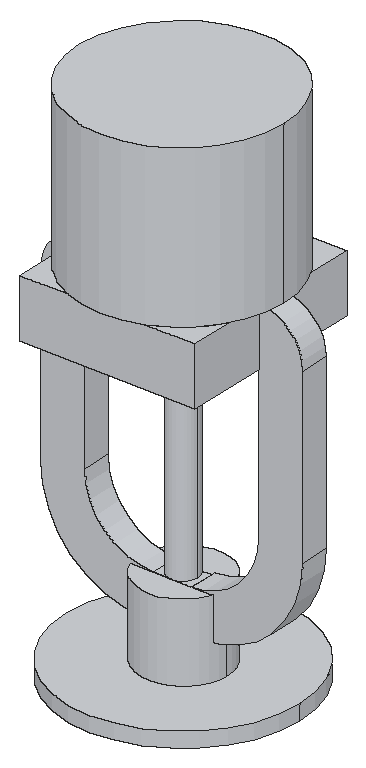
Revit family
Parameters (values of type "RASCO F156 PENDENT")
  Temperature Rating = 175 °F
  Response = (empty or 0)
  RASCO SIN # = "RA1314"
  RASCO Part # = "F56P5C"
  Pressure Rating = "175 PSI"
  Pressure Class = (empty or 0)
  Orifice Size = 1/2"
  Orifice = (empty or 0)
  Model = "F156"
  Manufacturer = "RASCO"
  K-Factor = 5.6
  Description = "Chrome Finish"
  Coverage = (empty or 0)
Reference planes (in)
  plane 1 "Center (Front/Back)": y = 0
  plane 2: z = 0
  plane 3 "Center (Left/Right)": x = 0
Dimensions and locks (in)
  aligned and locked: plane 2 to level
Nested families (in)
  nested 1: "F56P5C" at (-0.0113, 0, 2.4375) x (-1, 0, 0) z (0, 0, -1), type "RASCO F156 PENDENT"
Connectors (in)
  piping at (-0.0113, 0, 2.4375)
    settings: on nested 1, index 1, connector radius 55/128", flow factor 0, pipe flow 0 GPM, pressure drop 0.00 psi, fitting loss kfactor 0, connector angle 0.00°, fixture units 0, flow configuration 0, flow direction 0, fitting loss method 0, system type 7, connector reference index -1, connector utility 0, adjustable connector no, is connector primary yes, fitting loss table "", connector description ""
Definition of nested family "F56P5C"
  Parameters (values of type "RASCO F156 PENDENT")
    Type Comments = ""
    Temperature Rating = 0 °F
    Response = (empty or 0)
    Pressure Rating = "0"
    Pressure Class = (empty or 0)
    Orifice Size = 0"
    Orifice = (empty or 0)
    Model = ""
    Manufacturer = ""
    K-Factor = 0
    Description = ""
    Coverage = (empty or 0)
    Assembly Code = ""
  Reference planes (in)
    plane 1 "Center (Front/Back)": y = 0
    plane 2: z = 0
    plane 3 "ref.2": z = 0.6875
    plane 4 "ref.3": z = 0.9375
    plane 5: x = -0.38065
    plane 6: x = 0.36935
    plane 7 "ref. side 1": y = 0.06402
    plane 8 "ref. side 2": y = -0.06098
    plane 9 "ref.4": z = 1.875
    plane 10 "ref.5": z = 2.3125
    plane 11 "ref.6": z = 2.4375
  Forms (in)
    Extrusion 1, solid
      sketch origin (0, 0, 0) x (1, 0, 0) y (0, 1, 0)
        loop
          circle (0, 0) r 0.4379
      from 0 to 0.6875
    Extrusion 2, solid
      sketch origin (-0.12185, 0.05177, 0.6875) x (1, 0, 0) y (0, 1, 0)
        loop
          line (-0.2588, 0.356) -> (-0.2588, -0.4565) -> (0.4912, -0.4565) -> (0.4912, 0.356) -> (-0.2588, 0.356)
      from 0 to 0.25
    Extrusion 3, solid
      sketch origin (0, 0, 0) x (1, 0, 0) y (0, 0, 1)
        loop
          line (-0.38065, 0.68754) -> (-0.38065, 1.58397)
          arc (-0.38065, 1.58397) -> (-0.29541, 1.78976) -> (-0.08962, 1.875) r 0.29103
          line (-0.08962, 1.875) -> (0.07524, 1.875)
          arc (0.07524, 1.875) -> (0.28321, 1.78886) -> (0.36935, 1.58089) r 0.29411
          line (0.36935, 1.58089) -> (0.36935, 0.68751)
          arc (0.36935, 0.68751) -> (0.50207, 0.74393) -> (0.55685, 0.87734) r 0.18984
          line (0.55685, 0.87734) -> (0.55685, 1.61676)
          arc (0.55685, 1.61676) -> (0.42629, 1.93194) -> (0.11111, 2.0625) r 0.44574
          line (0.11111, 2.0625) -> (-0.12259, 2.0625)
          arc (-0.12259, 2.0625) -> (-0.43765, 1.932) -> (-0.56815, 1.61694) r 0.44556
          line (-0.56815, 1.61694) -> (-0.56815, 0.87876)
          arc (-0.56815, 0.87876) -> (-0.51345, 0.74486) -> (-0.38065, 0.68754) r 0.19126
      from -0.06402 to 0.06098
    Extrusion 4, solid
      sketch origin (0, 0, 0.9375) x (-1, 0, 0) y (0, -1, 0)
        loop
          circle (0.00574, -0.00152) r 0.0625
      from 0 to 0.9375
    Extrusion 5, solid
      sketch origin (0, 0, 1.875) x (-1, 0, 0) y (0, -1, 0)
        loop
          circle (0.00574, -0.00152) r 0.1875
      from 0 to 0.4375
    Extrusion 6, solid
      sketch origin (0, 0, 2.3125) x (0, -1, 0) y (1, 0, 0)
        loop
          circle (-0.00152, -0.00574) r 0.5
      from -0.10531 to -0.03987
  Cuts and joins
    joined: Extrusion 1, Extrusion 2, Extrusion 4
  Lines and regions (in)
    model lines
      curve 1: line (-0.00574, 0.06402, 1.875) -> (-0.00574, -0.06098, 1.875)
